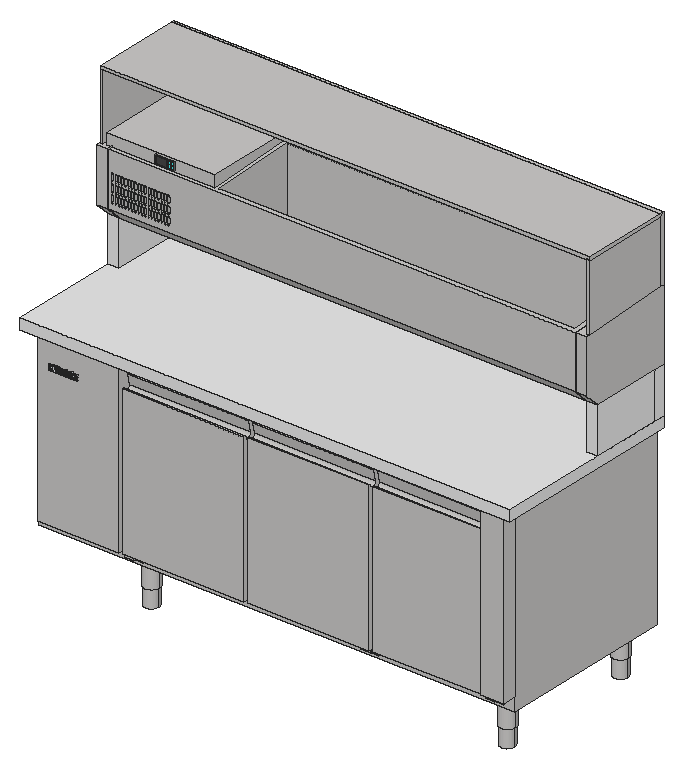
Revit family "QF_ELECTROLUXPROFESSIONAL_725190_RCSH3D", category Attrezzature speciali, Revit 2021 (continued)
Definition of nested family "ELX_REF_PZ"
  Automatic sketch dimensions
    Split face 107 sketch curve to Extrusion 2 = 44.174 mm
    Split face 107 sketch curve to Extrusion 2 = 98.456 mm
    Split face 107 sketch curve to Split face 107 sketch curve = 42 mm
    Split face 107 sketch curve to Split face 107 sketch curve = 4 mm
    Split face 108 sketch curve to Extrusion 2 = 44.174 mm
    Split face 108 sketch curve to Extrusion 2 = 140.544 mm
    Split face 108 sketch curve to Split face 108 sketch curve = 42 mm
    Split face 108 sketch curve to Split face 108 sketch curve = 4 mm
    Split face 109 sketch curve to Extrusion 2 = 43.456 mm
    Split face 109 sketch curve to Split face 109 sketch curve = 42 mm
    Split face 109 sketch curve to Extrusion 2 = 24.174 mm
    Split face 109 sketch curve to Split face 109 sketch curve = 4 mm
    Split face 110 sketch curve to Extrusion 2 = 32.174 mm
    Split face 110 sketch curve to Extrusion 2 = 85.544 mm
    Split face 110 sketch curve to Split face 110 sketch curve = 42 mm
    Split face 110 sketch curve to Split face 110 sketch curve = 4 mm
    Split face 111 sketch curve to Extrusion 2 = 32.174 mm
    Split face 111 sketch curve to Extrusion 2 = 98.456 mm
    Split face 111 sketch curve to Split face 111 sketch curve = 42 mm
    Split face 111 sketch curve to Split face 111 sketch curve = 4 mm
    Split face 112 sketch curve to Extrusion 2 = 32.174 mm
    Split face 112 sketch curve to Extrusion 2 = 140.544 mm
    Split face 112 sketch curve to Split face 112 sketch curve = 42 mm
    Split face 112 sketch curve to Split face 112 sketch curve = 4 mm
    Split face 113 sketch curve to Extrusion 2 = 20.174 mm
    Split face 113 sketch curve to Extrusion 2 = 43.456 mm
    Split face 113 sketch curve to Extrusion 2 = 16.174 mm
    Split face 113 sketch curve to Split face 113 sketch curve = 42 mm
    Split face 114 sketch curve to Extrusion 2 = 20.174 mm
    Split face 114 sketch curve to Extrusion 2 = 85.544 mm
    Split face 114 sketch curve to Extrusion 2 = 16.174 mm
    Split face 114 sketch curve to Split face 114 sketch curve = 42 mm
    Split face 115 sketch curve to Extrusion 2 = 20.174 mm
    Split face 115 sketch curve to Extrusion 2 = 98.456 mm
    Split face 115 sketch curve to Extrusion 2 = 16.174 mm
    Split face 115 sketch curve to Split face 115 sketch curve = 42 mm
    Split face 116 sketch curve to Extrusion 2 = 20.174 mm
    Split face 116 sketch curve to Extrusion 2 = 140.544 mm
    Split face 116 sketch curve to Extrusion 2 = 16.174 mm
    Split face 116 sketch curve to Split face 116 sketch curve = 42 mm
    plane 4 to Extrusion 3 sketch curve = 41.175 mm
    Extrusion 3 sketch curve to Extrusion 3 sketch curve = 0.751 mm
    Extrusion 3 sketch curve to Extrusion 3 sketch curve = 0 mm  (x2)
    Extrusion 3 sketch curve to Extrusion 3 sketch curve = 3.578 mm  (x2)
    Extrusion 3 sketch curve to Extrusion 3 sketch curve = 3.275 mm
    Extrusion 3 sketch curve to Extrusion 3 sketch curve = 6.852 mm
    Extrusion 3 sketch curve to Extrusion 3 sketch curve = 0.043 mm
    Extrusion 3 sketch curve to Extrusion 3 sketch curve = 0.219 mm
    Extrusion 3 sketch curve to Extrusion 3 sketch curve = 9.372 mm
    Extrusion 3 sketch curve to Extrusion 3 sketch curve = 1.81 mm
    Extrusion 3 sketch curve to Extrusion 3 sketch curve = 1.007 mm
    Extrusion 3 sketch curve to Extrusion 3 sketch curve = 8.073 mm
    Extrusion 3 sketch curve to plane 6 = 95.822 mm
    Extrusion 3 sketch curve to Extrusion 3 sketch curve = 0.871 mm
    Extrusion 3 sketch curve to Extrusion 3 sketch curve = 0.95 mm
    Extrusion 3 sketch curve to Extrusion 3 sketch curve = 0.254 mm
    Extrusion 3 sketch curve to Extrusion 3 sketch curve = 1.688 mm
    Extrusion 3 sketch curve to Extrusion 3 sketch curve = 0.135 mm
    Extrusion 3 sketch curve to Extrusion 3 sketch curve = 0.034 mm
    Extrusion 3 sketch curve to Extrusion 3 sketch curve = 1.148 mm
    Extrusion 3 sketch curve to Extrusion 3 sketch curve = 1.433 mm
    Extrusion 3 sketch curve to Extrusion 3 sketch curve = 1.08 mm
    Extrusion 4 sketch curve to Extrusion 4 sketch curve = 0 mm  (x43)
    plane 4 to Extrusion 4 sketch curve = 68.112 mm
    Extrusion 4 sketch curve to Extrusion 4 sketch curve = 0.486 mm
    Extrusion 4 sketch curve to Extrusion 4 sketch curve = 0.902 mm  (x2)
    Extrusion 4 sketch curve to Extrusion 4 sketch curve = 0.712 mm  (x2)
    Extrusion 4 sketch curve to Extrusion 4 sketch curve = 0.746 mm
    Extrusion 4 sketch curve to Extrusion 4 sketch curve = 0.211 mm  (x2)
    Extrusion 4 sketch curve to Extrusion 4 sketch curve = 0.039 mm  (x3)
    Extrusion 4 sketch curve to Extrusion 4 sketch curve = 2.066 mm  (x2)
    Extrusion 4 sketch curve to Extrusion 4 sketch curve = 1.275 mm
    Extrusion 4 sketch curve to Extrusion 4 sketch curve = 0.34 mm  (x2)
    Extrusion 4 sketch curve to Extrusion 4 sketch curve = 0.484 mm
    Extrusion 4 sketch curve to Extrusion 4 sketch curve = 4.585 mm
    Extrusion 4 sketch curve to Extrusion 4 sketch curve = 3.433 mm
    Extrusion 4 sketch curve to Extrusion 4 sketch curve = 0.322 mm
    Extrusion 4 sketch curve to Extrusion 4 sketch curve = 3.755 mm
    Extrusion 4 sketch curve to Extrusion 4 sketch curve = 0.063 mm
    Extrusion 4 sketch curve to Extrusion 4 sketch curve = 0.088 mm
    Extrusion 4 sketch curve to Extrusion 4 sketch curve = 0.873 mm
    Extrusion 4 sketch curve to Extrusion 4 sketch curve = 0.095 mm  (x2)
    Extrusion 4 sketch curve to Extrusion 4 sketch curve = 1.469 mm
    Extrusion 4 sketch curve to Extrusion 4 sketch curve = 0.749 mm
    Extrusion 4 sketch curve to Extrusion 4 sketch curve = 1.612 mm
    Extrusion 4 sketch curve to Extrusion 4 sketch curve = 0.968 mm
    Extrusion 4 sketch curve to Extrusion 4 sketch curve = 2.067 mm
    Extrusion 4 sketch curve to Extrusion 4 sketch curve = 3.418 mm
    Extrusion 4 sketch curve to Extrusion 4 sketch curve = 0.052 mm  (x2)
    Extrusion 4 sketch curve to Extrusion 4 sketch curve = 5.299 mm
    Extrusion 4 sketch curve to Extrusion 4 sketch curve = 2.01 mm
    Extrusion 4 sketch curve to Extrusion 4 sketch curve = 0.074 mm
    Extrusion 4 sketch curve to Extrusion 4 sketch curve = 0.217 mm
    Extrusion 4 sketch curve to Extrusion 4 sketch curve = 0.033 mm  (x2)
    Extrusion 4 sketch curve to Extrusion 4 sketch curve = 0.145 mm
    Extrusion 4 sketch curve to Extrusion 4 sketch curve = 0.084 mm
    Extrusion 4 sketch curve to Extrusion 4 sketch curve = 0.151 mm
    Extrusion 4 sketch curve to Extrusion 4 sketch curve = 0.248 mm
    Extrusion 4 sketch curve to Extrusion 4 sketch curve = 1.98 mm
    Extrusion 4 sketch curve to Extrusion 4 sketch curve = 0.298 mm
    Extrusion 4 sketch curve to Extrusion 4 sketch curve = 5.699 mm
    Extrusion 4 sketch curve to Extrusion 4 sketch curve = 1.224 mm  (x2)
    Extrusion 4 sketch curve to Extrusion 4 sketch curve = 0.88 mm  (x2)
    Extrusion 4 sketch curve to Extrusion 4 sketch curve = 1.778 mm
    Extrusion 4 sketch curve to Extrusion 4 sketch curve = 1.562 mm
    Extrusion 4 sketch curve to Extrusion 4 sketch curve = 0.15 mm
    Extrusion 4 sketch curve to Extrusion 4 sketch curve = 3.5 mm
    Extrusion 4 sketch curve to Extrusion 4 sketch curve = 5.704 mm
    Extrusion 4 sketch curve to Extrusion 4 sketch curve = 0.036 mm
    Extrusion 4 sketch curve to Extrusion 4 sketch curve = 0.085 mm
    Extrusion 4 sketch curve to Extrusion 4 sketch curve = 0.14 mm
    Extrusion 4 sketch curve to Extrusion 4 sketch curve = 0.141 mm
    Extrusion 4 sketch curve to Extrusion 4 sketch curve = 0.853 mm  (x3)
    Extrusion 4 sketch curve to Extrusion 4 sketch curve = 0.182 mm
    Extrusion 4 sketch curve to Extrusion 4 sketch curve = 0.475 mm
    Extrusion 4 sketch curve to Extrusion 4 sketch curve = 0.08 mm
    Extrusion 4 sketch curve to Extrusion 4 sketch curve = 0.351 mm
    Extrusion 4 sketch curve to Extrusion 4 sketch curve = 0.833 mm
    Extrusion 4 sketch curve to Extrusion 4 sketch curve = 0.115 mm
    Extrusion 4 sketch curve to Extrusion 4 sketch curve = 0.155 mm
    Extrusion 4 sketch curve to Extrusion 4 sketch curve = 2.112 mm
    Extrusion 4 sketch curve to Extrusion 4 sketch curve = 2.087 mm
    Extrusion 4 sketch curve to Extrusion 4 sketch curve = 1.291 mm  (x2)
    Extrusion 4 sketch curve to Extrusion 4 sketch curve = 1.298 mm  (x2)
    Extrusion 4 sketch curve to Extrusion 4 sketch curve = 2.062 mm
    Extrusion 4 sketch curve to Extrusion 4 sketch curve = 1.27 mm
    Extrusion 4 sketch curve to Extrusion 4 sketch curve = 1.104 mm  (x2)
    Extrusion 4 sketch curve to Extrusion 4 sketch curve = 0.11 mm  (x2)
    Extrusion 4 sketch curve to Extrusion 4 sketch curve = 0.726 mm  (x2)
    Extrusion 4 sketch curve to Extrusion 4 sketch curve = 0.791 mm  (x2)
    Extrusion 4 sketch curve to Extrusion 4 sketch curve = 0.798 mm  (x2)
    Extrusion 4 sketch curve to Extrusion 4 sketch curve = 0.022 mm  (x2)
    Extrusion 4 sketch curve to Extrusion 4 sketch curve = 0.008 mm  (x2)
    Extrusion 4 sketch curve to Extrusion 4 sketch curve = 0.066 mm  (x2)
    Extrusion 4 sketch curve to Extrusion 4 sketch curve = 3.337 mm
    Extrusion 4 sketch curve to Extrusion 4 sketch curve = 0.073 mm  (x2)
    Extrusion 4 sketch curve to Extrusion 4 sketch curve = 0.077 mm  (x2)
    Extrusion 4 sketch curve to Extrusion 4 sketch curve = 0.108 mm  (x2)
    Extrusion 4 sketch curve to Extrusion 4 sketch curve = 0.006 mm  (x2)
    Extrusion 4 sketch curve to Extrusion 4 sketch curve = 0.037 mm  (x2)
    Extrusion 4 sketch curve to Extrusion 4 sketch curve = 0.1 mm  (x2)
    Extrusion 4 sketch curve to Extrusion 4 sketch curve = 0.032 mm  (x2)
    Extrusion 4 sketch curve to Extrusion 4 sketch curve = 0.715 mm  (x2)
    Extrusion 4 sketch curve to Extrusion 4 sketch curve = 0.474 mm  (x2)
    Extrusion 4 sketch curve to Extrusion 4 sketch curve = 1.427 mm
    Extrusion 4 sketch curve to Extrusion 4 sketch curve = 0.277 mm
    Extrusion 4 sketch curve to Extrusion 4 sketch curve = 0.075 mm
    Extrusion 4 sketch curve to Extrusion 4 sketch curve = 1.877 mm
    Extrusion 4 sketch curve to Extrusion 4 sketch curve = 0.489 mm
    Extrusion 4 sketch curve to Extrusion 4 sketch curve = 1.452 mm
    Extrusion 4 sketch curve to Extrusion 4 sketch curve = 5.113 mm
    Extrusion 4 sketch curve to Extrusion 4 sketch curve = 1.701 mm
    Extrusion 4 sketch curve to Extrusion 4 sketch curve = 2.435 mm
    Extrusion 4 sketch curve to Extrusion 4 sketch curve = 2.05 mm
    Extrusion 4 sketch curve to Extrusion 4 sketch curve = 2.451 mm
    Extrusion 4 sketch curve to Extrusion 4 sketch curve = 0.113 mm
    Extrusion 4 sketch curve to Extrusion 4 sketch curve = 0.156 mm
    Extrusion 4 sketch curve to Extrusion 4 sketch curve = 0.639 mm
    Extrusion 4 sketch curve to Extrusion 4 sketch curve = 4.839 mm
    Extrusion 4 sketch curve to Extrusion 4 sketch curve = 5.054 mm
    Extrusion 4 sketch curve to Extrusion 4 sketch curve = 5.749 mm
    Extrusion 4 sketch curve to Extrusion 4 sketch curve = 6.008 mm
    Extrusion 4 sketch curve to Extrusion 4 sketch curve = 2.068 mm
    Extrusion 4 sketch curve to Extrusion 4 sketch curve = 1.577 mm
    Extrusion 4 sketch curve to Extrusion 4 sketch curve = 1.581 mm
    Extrusion 4 sketch curve to Extrusion 4 sketch curve = 0.829 mm  (x2)
    Extrusion 4 sketch curve to Extrusion 4 sketch curve = 0.862 mm
    Extrusion 4 sketch curve to Extrusion 4 sketch curve = 2.085 mm
    Extrusion 4 sketch curve to Extrusion 4 sketch curve = 1.897 mm
    Extrusion 4 sketch curve to Extrusion 4 sketch curve = 1.59 mm  (x2)
    Extrusion 4 sketch curve to Extrusion 4 sketch curve = 0.24 mm  (x2)
    Extrusion 4 sketch curve to Extrusion 4 sketch curve = 0.129 mm
    Extrusion 4 sketch curve to Extrusion 4 sketch curve = 3.384 mm
    Extrusion 4 sketch curve to Extrusion 4 sketch curve = 0.916 mm
    Extrusion 4 sketch curve to Extrusion 4 sketch curve = 2.084 mm
    Extrusion 4 sketch curve to Extrusion 4 sketch curve = 0.404 mm  (x2)
    Extrusion 4 sketch curve to Extrusion 4 sketch curve = 0.303 mm
    Extrusion 4 sketch curve to Extrusion 4 sketch curve = 0.341 mm
    Extrusion 4 sketch curve to Extrusion 4 sketch curve = 0.953 mm
    Extrusion 4 sketch curve to Extrusion 4 sketch curve = 0.399 mm
    Extrusion 4 sketch curve to Extrusion 4 sketch curve = 1.249 mm
    Extrusion 4 sketch curve to Extrusion 4 sketch curve = 0.8 mm
    Extrusion 4 sketch curve to Extrusion 4 sketch curve = 0.81 mm
    Extrusion 4 sketch curve to Extrusion 4 sketch curve = 0.383 mm
    Extrusion 4 sketch curve to Extrusion 4 sketch curve = 2.222 mm
    Extrusion 4 sketch curve to Extrusion 4 sketch curve = 0.917 mm
    Extrusion 4 sketch curve to Extrusion 4 sketch curve = 2.236 mm
    Extrusion 4 sketch curve to Extrusion 4 sketch curve = 0.766 mm
    Extrusion 4 sketch curve to Extrusion 4 sketch curve = 1.106 mm
    Extrusion 4 sketch curve to Extrusion 4 sketch curve = 1.113 mm
    Extrusion 4 sketch curve to Extrusion 4 sketch curve = 1.185 mm
    Extrusion 4 sketch curve to Extrusion 4 sketch curve = 5.134 mm
    Extrusion 4 sketch curve to Extrusion 4 sketch curve = 1.901 mm
    Extrusion 4 sketch curve to Extrusion 4 sketch curve = 2.221 mm
    Extrusion 4 sketch curve to Extrusion 4 sketch curve = 1.595 mm
    Extrusion 4 sketch curve to Extrusion 4 sketch curve = 2.256 mm
    Extrusion 4 sketch curve to Extrusion 4 sketch curve = 2.208 mm
    Extrusion 4 sketch curve to plane 6 = 100.072 mm
    Extrusion 4 sketch curve to Extrusion 4 sketch curve = 3.027 mm  (x2)
    Extrusion 4 sketch curve to Extrusion 4 sketch curve = 5.095 mm
    Extrusion 4 sketch curve to Extrusion 4 sketch curve = 2.072 mm  (x2)
    Extrusion 4 sketch curve to Extrusion 4 sketch curve = 0.784 mm  (x3)
    Extrusion 4 sketch curve to Extrusion 4 sketch curve = 0.895 mm
    Extrusion 4 sketch curve to Extrusion 4 sketch curve = 2.972 mm  (x2)
    Extrusion 4 sketch curve to Extrusion 4 sketch curve = 0.172 mm  (x4)
    Extrusion 4 sketch curve to Extrusion 4 sketch curve = 0.259 mm  (x2)
    Extrusion 4 sketch curve to Extrusion 4 sketch curve = 0.012 mm  (x4)
    Extrusion 4 sketch curve to Extrusion 4 sketch curve = 0.543 mm
    Extrusion 4 sketch curve to Extrusion 4 sketch curve = 0.338 mm  (x2)
    Extrusion 4 sketch curve to Extrusion 4 sketch curve = 1.429 mm  (x2)
    Extrusion 4 sketch curve to Extrusion 4 sketch curve = 1.451 mm
    Extrusion 4 sketch curve to Extrusion 4 sketch curve = 1.461 mm
    Extrusion 4 sketch curve to Extrusion 4 sketch curve = 0.382 mm  (x2)
    Extrusion 4 sketch curve to Extrusion 4 sketch curve = 0.257 mm
    Extrusion 4 sketch curve to Extrusion 4 sketch curve = 0.094 mm  (x2)
    Extrusion 4 sketch curve to Extrusion 4 sketch curve = 0.06 mm  (x2)
    Extrusion 4 sketch curve to Extrusion 4 sketch curve = 0.851 mm
    Extrusion 4 sketch curve to Extrusion 4 sketch curve = 0.321 mm
    Extrusion 4 sketch curve to Extrusion 4 sketch curve = 2.075 mm
    Extrusion 4 sketch curve to Extrusion 4 sketch curve = 2.073 mm
    Extrusion 4 sketch curve to Extrusion 4 sketch curve = 0.466 mm  (x2)
    Extrusion 4 sketch curve to Extrusion 4 sketch curve = 0.815 mm  (x2)
    Extrusion 4 sketch curve to Extrusion 4 sketch curve = 0.93 mm
    Extrusion 4 sketch curve to Extrusion 4 sketch curve = 0.261 mm  (x2)
    Extrusion 4 sketch curve to Extrusion 4 sketch curve = 0.136 mm  (x2)
    Extrusion 4 sketch curve to Extrusion 4 sketch curve = 1.147 mm
    Extrusion 4 sketch curve to Extrusion 4 sketch curve = 0.911 mm
    Extrusion 4 sketch curve to Extrusion 4 sketch curve = 0.16 mm  (x2)
    Extrusion 4 sketch curve to Extrusion 4 sketch curve = 0.533 mm  (x2)
    Extrusion 4 sketch curve to Extrusion 4 sketch curve = 0.002 mm  (x2)
    Extrusion 4 sketch curve to Extrusion 4 sketch curve = 0.267 mm  (x2)
    Extrusion 4 sketch curve to Extrusion 4 sketch curve = 0.327 mm  (x2)
    Extrusion 4 sketch curve to Extrusion 4 sketch curve = 0.014 mm  (x2)
    Extrusion 4 sketch curve to Extrusion 4 sketch curve = 0.876 mm
    Extrusion 4 sketch curve to Extrusion 4 sketch curve = 0.817 mm
    Extrusion 4 sketch curve to Extrusion 4 sketch curve = 0.623 mm  (x2)
    Extrusion 4 sketch curve to Extrusion 4 sketch curve = 1.539 mm  (x2)
    Extrusion 4 sketch curve to Extrusion 4 sketch curve = 3.363 mm
    Extrusion 4 sketch curve to Extrusion 4 sketch curve = 0.894 mm
    Extrusion 4 sketch curve to Extrusion 4 sketch curve = 0.783 mm
    Extrusion 4 sketch curve to Extrusion 4 sketch curve = 1.49 mm
    Extrusion 4 sketch curve to Extrusion 4 sketch curve = 0.525 mm
    Extrusion 4 sketch curve to Extrusion 4 sketch curve = 0.838 mm
    Extrusion 4 sketch curve to Extrusion 4 sketch curve = 4.901 mm
    Extrusion 4 sketch curve to Extrusion 4 sketch curve = 4.972 mm
    Extrusion 4 sketch curve to Extrusion 4 sketch curve = 0.005 mm
    Extrusion 4 sketch curve to Extrusion 4 sketch curve = 4.975 mm  (x2)
    Extrusion 4 sketch curve to Extrusion 4 sketch curve = 1.317 mm
    Extrusion 4 sketch curve to Extrusion 4 sketch curve = 6.315 mm
    Extrusion 4 sketch curve to Extrusion 4 sketch curve = 1.936 mm
    Extrusion 4 sketch curve to Extrusion 4 sketch curve = 1.942 mm
    Extrusion 4 sketch curve to Extrusion 4 sketch curve = 3.057 mm
    Extrusion 4 sketch curve to Extrusion 4 sketch curve = 3.445 mm
    Extrusion 4 sketch curve to Extrusion 4 sketch curve = 0.044 mm
    Extrusion 4 sketch curve to Extrusion 4 sketch curve = 1.561 mm
    Extrusion 4 sketch curve to Extrusion 4 sketch curve = 3.53 mm
    Extrusion 4 sketch curve to Extrusion 4 sketch curve = 0.167 mm
    Extrusion 4 sketch curve to Extrusion 4 sketch curve = 1.153 mm
    Extrusion 4 sketch curve to Extrusion 4 sketch curve = 0.128 mm
    Extrusion 4 sketch curve to Extrusion 4 sketch curve = 2.488 mm
    Extrusion 4 sketch curve to Extrusion 4 sketch curve = 1.267 mm
    Extrusion 4 sketch curve to Extrusion 4 sketch curve = 0.114 mm
    Extrusion 4 sketch curve to Extrusion 4 sketch curve = 0.153 mm
    Extrusion 4 sketch curve to Extrusion 4 sketch curve = 4.063 mm
    Extrusion 4 sketch curve to Extrusion 4 sketch curve = 1.541 mm
    Extrusion 4 sketch curve to Extrusion 4 sketch curve = 0.165 mm
    Extrusion 4 sketch curve to Extrusion 4 sketch curve = 0.017 mm
    Extrusion 4 sketch curve to Extrusion 4 sketch curve = 0.275 mm
    Extrusion 4 sketch curve to Extrusion 4 sketch curve = 0.105 mm
    Extrusion 4 sketch curve to Extrusion 4 sketch curve = 0.054 mm
    Extrusion 4 sketch curve to Extrusion 4 sketch curve = 0.717 mm
    Extrusion 4 sketch curve to Extrusion 4 sketch curve = 0.013 mm
    Extrusion 4 sketch curve to Extrusion 4 sketch curve = 0.499 mm
    Extrusion 4 sketch curve to Extrusion 4 sketch curve = 1.549 mm
    Extrusion 4 sketch curve to Extrusion 4 sketch curve = 0.083 mm
    Extrusion 4 sketch curve to Extrusion 4 sketch curve = 1.597 mm
    Extrusion 4 sketch curve to Extrusion 4 sketch curve = 0.314 mm
    Extrusion 4 sketch curve to Extrusion 4 sketch curve = 0.007 mm
    Extrusion 4 sketch curve to Extrusion 4 sketch curve = 0.316 mm
    Extrusion 4 sketch curve to Extrusion 4 sketch curve = 1.717 mm
    Extrusion 4 sketch curve to Extrusion 4 sketch curve = 1.453 mm
    Extrusion 4 sketch curve to Extrusion 4 sketch curve = 1.278 mm
    Extrusion 4 sketch curve to Extrusion 4 sketch curve = 1.499 mm
    Extrusion 4 sketch curve to Extrusion 4 sketch curve = 1.664 mm
    Extrusion 4 sketch curve to Extrusion 4 sketch curve = 2.97 mm
    Extrusion 4 sketch curve to Extrusion 4 sketch curve = 0.961 mm
    Extrusion 4 sketch curve to Extrusion 4 sketch curve = 1.95 mm
    Extrusion 4 sketch curve to Extrusion 4 sketch curve = 1.234 mm
    Extrusion 4 sketch curve to Extrusion 4 sketch curve = 2.576 mm  (x2)
    Extrusion 4 sketch curve to Extrusion 4 sketch curve = 5.237 mm
    Extrusion 4 sketch curve to Extrusion 4 sketch curve = 1.878 mm
    Extrusion 4 sketch curve to Extrusion 4 sketch curve = 2.838 mm
    Extrusion 4 sketch curve to Extrusion 4 sketch curve = 3.322 mm
    Extrusion 4 sketch curve to Extrusion 4 sketch curve = 1.944 mm
    Extrusion 4 sketch curve to Extrusion 4 sketch curve = 3.321 mm
    Extrusion 4 sketch curve to Extrusion 4 sketch curve = 1.15 mm
    Extrusion 4 sketch curve to Extrusion 4 sketch curve = 2.06 mm
    Extrusion 4 sketch curve to Extrusion 4 sketch curve = 1.066 mm  (x2)
    Extrusion 4 sketch curve to Extrusion 4 sketch curve = 0.235 mm  (x2)
    Extrusion 4 sketch curve to Extrusion 4 sketch curve = 0.435 mm  (x2)
    Extrusion 4 sketch curve to Extrusion 4 sketch curve = 0.238 mm  (x2)
    Extrusion 4 sketch curve to Extrusion 4 sketch curve = 0.045 mm  (x2)
    Extrusion 4 sketch curve to Extrusion 4 sketch curve = 0.289 mm  (x2)
    Extrusion 4 sketch curve to Extrusion 4 sketch curve = 0.024 mm  (x2)
    Extrusion 4 sketch curve to Extrusion 4 sketch curve = 0.841 mm  (x2)
    Extrusion 4 sketch curve to Extrusion 4 sketch curve = 4.599 mm
    Extrusion 4 sketch curve to Extrusion 4 sketch curve = 1.812 mm
    Split face 117 sketch curve to Extrusion 2 = 0 mm  (x2)
    Split face 117 sketch curve to Extrusion 2 = 110 mm
    Split face 118 sketch curve to Extrusion 2 = 0 mm  (x2)
    Split face 118 sketch curve to Split face 118 sketch curve = 19.431 mm
    Split face 118 sketch curve to Split face 118 sketch curve = 13 mm  (x2)
    Split face 118 sketch curve to Split face 118 sketch curve = 80 mm
    Split face 118 sketch curve to Extrusion 2 = 65 mm
    Split face 118 sketch curve to Split face 118 sketch curve = 5 mm  (x2)
    Split face 119 sketch curve to Extrusion 2 = 0 mm  (x2)
    Split face 119 sketch curve to Extrusion 2 = 55 mm
    Split face 120 sketch curve to Extrusion 2 = 95.864 mm
    Split face 120 sketch curve to Extrusion 2 = 115.88 mm
    Split face 120 sketch curve to Extrusion 2 = 45.88 mm
    Split face 120 sketch curve to Split face 120 sketch curve = 29.518 mm
    Split face 121 sketch curve to Extrusion 2 = 92.864 mm
    Split face 121 sketch curve to Extrusion 2 = 112.88 mm
    Split face 121 sketch curve to Split face 121 sketch curve = 41.575 mm
    Split face 121 sketch curve to Split face 121 sketch curve = 23.518 mm
    Split face 122 sketch curve to Extrusion 2 = 67.88 mm
    Split face 122 sketch curve to Split face 122 sketch curve = 8 mm
    Split face 122 sketch curve to Split face 122 sketch curve = 11 mm
    Split face 122 sketch curve to Extrusion 2 = 80.346 mm
    Split face 123 sketch curve to Extrusion 2 = 56.868 mm
    Split face 123 sketch curve to Split face 123 sketch curve = 8 mm
    Split face 123 sketch curve to Extrusion 2 = 80.346 mm
    Split face 123 sketch curve to Split face 123 sketch curve = 11 mm
    Split face 124 sketch curve to Extrusion 2 = 67.88 mm
    Split face 124 sketch curve to Split face 124 sketch curve = 8 mm
    Split face 124 sketch curve to Extrusion 2 = 92.864 mm
    Split face 124 sketch curve to Split face 124 sketch curve = 11 mm
    Split face 125 sketch curve to Extrusion 2 = 56.868 mm
    Split face 125 sketch curve to Split face 125 sketch curve = 8 mm
    Split face 125 sketch curve to Extrusion 2 = 92.864 mm
    Split face 125 sketch curve to Split face 125 sketch curve = 11 mm
    radius of Extrusion 4 sketch curve = 2.156 mm
    radius of Extrusion 4 sketch curve = 1.368 mm
    radius of Extrusion 4 sketch curve = 1.29 mm
    radius of Extrusion 4 sketch curve = 2.154 mm
Definition of nested family "SD_L_PZ"
  Parameters
    Show Clearance [instance] = yes
    Default Elevation = 1219.2 mm
  Reference planes
    plane 1 "Center (Front/Back)": y = 28.12
    plane 2: z = 0
    plane 3 "Center (Left/Right)": x = 0
    plane 4: x = -234
    plane 5: x = 234
  Forms (mm)
    Extrusion 1, solid
      sketch origin (0, 0, 0) x (1, 0, 0) y (0, 1, 0)
        loop
          line (-1219.2, 1219.2) -> (-1219.2, -1219.2) -> (1219.2, -1219.2) -> (1219.2, 1219.2) -> (-1219.2, 1219.2)
      from 0 to -304.8
    Extrusion 2, solid
      sketch origin (0, 53.12, -3) x (0, 1, 0) y (0, 0, 1)
        loop
          line (-314, 53) -> (-314, 3) -> (264, 3) -> (264, 29) -> (224.395, 20)
          arc (224.395, 20) -> (210.396, 33.803) -> (224, 47.994) r 14
          line (224, 47.994) -> (224, 53) -> (-314, 53)
      from -220 to 220
    Extrusion 3, solid
      sketch origin (0, 53.12, 0) x (0, 1, 0) y (0, 0, -1)
        loop
          line (-323.003, -40.312) -> (-323.003, -12.259) -> (-323.003, 0) -> (-351.511, 0) -> (-351.511, -2.5) -> (-325.503, -2.5) -> (-325.503, -42.812) -> (-316.501, -42.812) -> (-316.501, -40.312) -> (-323.003, -40.312)
        loop
          line (-314, -38.311) -> (-314, -11.804) -> (-319.752, -11.804) -> (-319.752, -14.304) -> (-316.501, -14.304) -> (-316.501, -38.311) -> (-314, -38.311)
        loop
          line (265.003, -27.948) -> (267.503, -27.948) -> (267.503, -2.5) -> (277.503, -2.5) -> (277.503, 0) -> (265.003, 0) -> (265.003, -2.948) -> (265.003, -27.948)
      from 185 to 220
    Extrusion 4, solid, visible <- "Show Clearance", detail levels coarse
      sketch origin (0, 28.12, -3) x (-1, 0, 0) y (0, 0, -1)
        loop
          line (220, -53) -> (-220, -53)
          arc (-220, -53) -> (-79.636, -340.04) -> (220, -451) r 430
          line (220, -451) -> (220, -53)
      from -289 to 289
  Lines and regions (mm)
    symbolic lines
      curve 1: arc (219.599, 0, 55) -> (95.934, 0, 321.503) -> (-170, 0, 446.39) r 430
      curve 2: line (-220, 0, 55) -> (-220, 0, 448)
      curve 3: line (-170, 0, 55) -> (-170, 0, 448)
      curve 4: line (-220, 0, 448) -> (-170, 0, 448)
  Dimensions and locks
    plane 4 to plane 3 "Center (Left/Right)" to plane 5 = 234 mm locked, 234 mm locked
    aligned and locked: plane 2 to Extrusion 1
    aligned and locked: level to Extrusion 1
Definition of nested family "SD_R_PZ"
  Parameters
    Show Clearance [instance] = yes
    Default Elevation = 1219.2 mm
  Reference planes
    plane 1 "Center (Front/Back)": y = 28.12
    plane 2: z = 0
    plane 3 "Center (Left/Right)": x = 0
    plane 4: x = -234
    plane 5: x = 234
  Forms (mm)
    Extrusion 1, solid
      sketch origin (0, 0, 0) x (1, 0, 0) y (0, 1, 0)
        loop
          line (-1219.2, 1219.2) -> (-1219.2, -1219.2) -> (1219.2, -1219.2) -> (1219.2, 1219.2) -> (-1219.2, 1219.2)
      from 0 to -304.8
    Extrusion 2, solid
      sketch origin (0, 53.12, -3) x (0, 1, 0) y (0, 0, 1)
        loop
          line (-314, 53) -> (-314, 3) -> (264, 3) -> (264, 29) -> (224.395, 20)
          arc (224.395, 20) -> (210.396, 33.803) -> (224, 47.994) r 14
          line (224, 47.994) -> (224, 53) -> (-314, 53)
      from -220 to 220
    Extrusion 3, solid, visible <- "Show Clearance", detail levels coarse
      sketch origin (0, 28.12, -3) x (-1, 0, 0) y (0, 0, -1)
        loop
          line (220, -53) -> (-220, -53) -> (-220, -451)
          arc (-220, -451) -> (79.636, -340.04) -> (220, -53) r 430
      from -289 to 289
    Extrusion 4, solid
      sketch origin (0, 53.12, 0) x (0, 1, 0) y (0, 0, 1)
        loop
          line (-323.003, 40.312) -> (-316.501, 40.312) -> (-316.501, 42.812) -> (-325.503, 42.812) -> (-325.503, 2.5) -> (-351.511, 2.5) -> (-351.511, 0) -> (-323.003, 0) -> (-323.003, 12.259) -> (-323.003, 40.312)
        loop
          line (-314, 38.311) -> (-316.501, 38.311) -> (-316.501, 14.304) -> (-319.752, 14.304) -> (-319.752, 11.804) -> (-314, 11.804) -> (-314, 38.311)
        loop
          line (265.003, 27.948) -> (265.003, 2.948) -> (265.003, 0) -> (277.503, 0) -> (277.503, 2.5) -> (267.503, 2.5) -> (267.503, 27.948) -> (265.003, 27.948)
      from 185 to 220
  Lines and regions (mm)
    symbolic lines
      curve 1: arc (-219.599, 0, 54.79) -> (-95.934, 0, 321.293) -> (170, 0, 446.179) r 430
      curve 2: line (220, 0, 54.79) -> (220, 0, 447.79)
      curve 3: line (170, 0, 54.79) -> (170, 0, 447.79)
      curve 4: line (220, 0, 447.79) -> (170, 0, 447.79)
  Dimensions and locks
    plane 4 to plane 3 "Center (Left/Right)" to plane 5 = 234 mm locked, 234 mm locked
    aligned and locked: plane 2 to Extrusion 1
    aligned and locked: level to Extrusion 1
Definition of nested family "PZ_DISPLAY"
  Parameters
    Show Logo [instance] = yes
    Default Elevation = 1219.2 mm
  Reference planes
    plane 1 "Centro (Fronte/Retro)": y = 0
    plane 2: z = 0
    plane 3 "Centro (Sinistra/Destra)": x = 0
  Forms (mm)
    Extrusion 1, solid
      sketch origin (0, 0, 0) x (1, 0, 0) y (0, 1, 0)
        loop
          line (-1219.2, 1219.2) -> (-1219.2, -1219.2) -> (1219.2, -1219.2) -> (1219.2, 1219.2) -> (-1219.2, 1219.2)
      from 0 to -304.8
    Extrusion 2, solid
      sketch origin (0, -270.882, 0) x (1, 0, 0) y (0, 1, 0)
        loop
          line (-38.5, 305.882) -> (-38.5, 276.364) -> (31.5, 276.364) -> (31.5, 305.882) -> (-38.5, 305.882)
        loop
          line (9.5, 302.882) -> (9.5, 291.882) -> (17.5, 291.882) -> (17.5, 302.882) -> (9.5, 302.882)
        loop
          line (20.512, 302.882) -> (20.512, 291.882) -> (28.512, 291.882) -> (28.512, 302.882) -> (20.512, 302.882)
        loop
          line (20.512, 290.364) -> (20.512, 279.364) -> (28.512, 279.364) -> (28.512, 290.364) -> (20.512, 290.364)
        loop
          line (9.5, 290.364) -> (9.5, 279.364) -> (17.5, 279.364) -> (17.5, 290.364) -> (9.5, 290.364)
        loop
          line (-35.5, 302.882) -> (-35.5, 279.364) -> (6.075, 279.364) -> (6.075, 302.882) -> (-35.5, 302.882)
      from 0 to 4
    Extrusion 3, solid
      sketch origin (0, -270.882, 0) x (1, 0, 0) y (0, 1, 0)
        loop
          line (-35.5, 302.882) -> (-35.5, 279.364) -> (6.075, 279.364) -> (6.075, 302.882) -> (-35.5, 302.882)
      from 0 to 5
    Extrusion 4, solid
      sketch origin (0, -270.882, 0) x (1, 0, 0) y (0, 1, 0)
        loop
          line (9.5, 302.882) -> (9.5, 291.882) -> (17.5, 291.882) -> (17.5, 302.882) -> (9.5, 302.882)
        loop
          line (28.512, 291.882) -> (28.512, 302.882) -> (20.512, 302.882) -> (20.512, 291.882) -> (28.512, 291.882)
        loop
          line (9.5, 279.364) -> (17.5, 279.364) -> (17.5, 290.364) -> (9.5, 290.364) -> (9.5, 279.364)
        loop
          line (28.512, 279.364) -> (28.512, 290.364) -> (20.512, 290.364) -> (20.512, 279.364) -> (28.512, 279.364)
      from 0 to 4
  Dimensions and locks
    aligned and locked: plane 2 to Extrusion 1
    aligned and locked: level to Extrusion 1
Definition of nested family "HP_Refrigerator"
  Reference planes
    plane 1 "Center (Front/Back)": y = 0
    plane 2: z = 0
    plane 3 "Center (Left/Right)": x = 0
  Lines and regions (mm)
    detail lines, in view "Ref. Level"
      curve 1: spline (-500, 190, 0) -> (-493.185, 166.706, 0) -> (-473.205, 145, 0) -> (-441.421, 126.36, 0) -> (-400, 112.058, 0) -> (-351.764, 103.067, 0) -> (-300, 100, 0) -> (-248.236, 103.067, 0) -> (-200, 112.058, 0) -> (-158.579, 126.36, 0) -> (-126.795, 145, 0) -> (-106.815, 166.706, 0) -> (-100, 190, 0) -> (-106.815, 213.294, 0) -> (-126.795, 235, 0) -> (-158.579, 253.64, 0) -> (-200, 267.942, 0) -> (-248.236, 276.933, 0) -> (-300, 280, 0) -> (-351.764, 276.933, 0) -> (-400, 267.942, 0) -> (-441.421, 253.64, 0) -> (-473.205, 235, 0) -> (-493.185, 213.294, 0) -> (-500, 190, 0)
      curve 2: line (-300, 130, 0) -> (-300, 250, 0)
      curve 3: line (-351.962, 220, 0) -> (-248.038, 160, 0)
      curve 4: line (-351.962, 160, 0) -> (-248.038, 220, 0)
      curve 5: line (-280.884, 246.873, 0) -> (-300, 225, 0)
      curve 6: line (-300, 225, 0) -> (-319.116, 246.873, 0)
      curve 7: line (-330.311, 207.5, 0) -> (-339.696, 234.992, 0)
      curve 8: line (-358.812, 201.882, 0) -> (-330.311, 207.5, 0)
      curve 9: line (-330.311, 172.5, 0) -> (-358.812, 178.118, 0)
      curve 10: line (-339.696, 145.008, 0) -> (-330.311, 172.5, 0)
      curve 11: line (-300, 155, 0) -> (-319.116, 133.127, 0)
      curve 12: line (-280.884, 133.127, 0) -> (-300, 155, 0)
      curve 13: line (-269.689, 172.5, 0) -> (-260.304, 145.008, 0)
      curve 14: line (-241.188, 178.118, 0) -> (-269.689, 172.5, 0)
      curve 15: line (-269.689, 207.5, 0) -> (-241.188, 201.882, 0)
      curve 16: line (-260.304, 234.992, 0) -> (-269.689, 207.5, 0)
